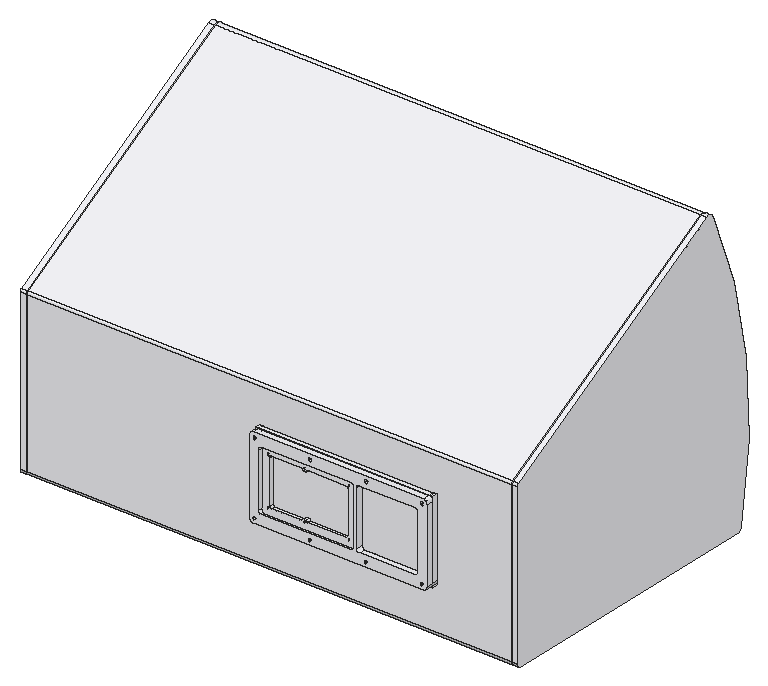
Revit family "EVU-1082", category Communication Devices, Revit 2017
Family settings
  Maintain Annotation Orientation = Yes
  Round Connector Dimension = Use Diameter
  Part Type = Normal
  OmniClass Number = 23.85.10.11.11.21
  OmniClass Title = Speakers
  Work Plane-Based = Yes
  Always vertical = Yes
  Cut with Voids When Loaded = No
  Shared = No
  Room Calculation Point = No
Parameters (values of type "EVU1082/95Wht_Single_8_Inch_Two_Way_White")
  Version = "1"
  Uniclass2015Code = "Pr_60_75_08_02"
  URL = ""
  ProductInformation = "https://www.electrovoice.com/binary/EVU-1082-95.pdf"
  PlanningTools = "http://www.electrovoice.com/product.php?id=1125"
  ModelNumber = "F.01U.216.254"
  Model = ""
  MaterialRALColour = "RAL9010"
  ManufacturerURL = "https://www.electrovoice.com"
  Manufacturer = "Electro Voice"
  LoudspeakerMaterial = 13-plyWeather-resistantBirchEVCoat -RAL9010
  Default Elevation = 0.00 mm
  CTN = "EVU1082/95WHT"
  BackHeight = 134.42 mm  # constant formula
  FrontHeight = 247.23 mm  # constant formula
  InstallationManual = "https://www.electrovoice.com/binary/EVU-1082-95.pdf"
  IfcExportType = "IfcBuildingElementProxyType"
  IfcExportAs = "IfcBuildingElementProxy"
  Length = 409.10 mm  # constant formula
  GrillMaterial = 16GA Powder-coatedGalvanneal - W
  Disclaimer = "http://resource.boschsecurity.com/information/BIM/Disclaimer_Electrovoice.pdf"
  Description = "1.3\" (33mm) diaphgram, 1.4\" (36mm) exit pure titanium compression driver. 8\" (203mm) LF transducer. Advanced third-order crossover network with HF protection. Coverage pattern: 90° x 50° Constant Directivity rotatable waveguide. 92 dB sensitivity, 120 dB maximum SPL. System raiting: 175 W continuous, 700 W peak. Universal U-bracket included."
  Depth = 237.21 mm  # constant formula
  ArchitectsAndEngineersSpecs = "https://www.electrovoice.com/binary/EVU-1082-95.pdf"
Reference planes
  plane 1 "Center (Front/Back)": y = 0
  plane 2: z = 0
  plane 3 "Center (Left/Right)": x = 0
Forms (mm)
  Extrusion 1, solid, material "13-plyWeather-resistantBirchEVCoat -RAL9010" <- "LoudspeakerMaterial"
    sketch origin (-199.55, 0, 1.386) x (0, 1, 0) y (0, 0, 1)
      loop
        line (223.44, -66.22) -> (6.35, -66.22) -> (6.35, 58.38) -> (195.221, 167.425) -> (199.95, 172.274)
        arc (199.95, 172.274) -> (197.41, 174.469) -> (194.075, 174.095) r 4.19
        line (194.075, 174.095) -> (1.27, 62.779)
        arc (1.27, 62.779) -> (0.34, 61.85) -> (0, 60.58) r 2.54
        line (0, 60.58) -> (0, -70.03)
        arc (0, -70.03) -> (0.744, -71.826) -> (2.54, -72.57) r 2.54
        line (2.54, -72.57) -> (225.203, -72.57)
        arc (225.203, -72.57) -> (227.849, -71.629) -> (229.306, -69.229) r 4.19
        line (229.306, -69.229) -> (223.44, -66.22)
    from 0 to 399.1
  Extrusion 2, solid, material "16GA Powder-coatedGalvanneal - W" <- "GrillMaterial"
    sketch origin (-199.55, 0, 1.386) x (0, 1, 0) y (0, 0, 1)
      loop
        line (197.717, 169.984) -> (196.591, 168.858)
        arc (196.591, 168.858) -> (229.978, 53.193) -> (225.15, -67.097) r 376.5
        line (225.15, -67.097) -> (226.536, -67.808)
        arc (226.536, -67.808) -> (231.46, 53.431) -> (197.717, 169.984) r 378
    from 0 to 399.1
  Extrusion 3, solid, material "13-plyWeather-resistantBirchEVCoat -RAL9010" <- "LoudspeakerMaterial"
    sketch origin (199.55, 0, 1.386) x (0, 1, 0) y (0, 0, 1)
      loop
        line (0, 60.58) -> (0, -70.03)
        arc (0, -70.03) -> (0.744, -71.826) -> (2.54, -72.57) r 2.54
        line (2.54, -72.57) -> (225.203, -72.57)
        arc (225.203, -72.57) -> (227.849, -71.629) -> (229.306, -69.229) r 4.19
        arc (229.306, -69.229) -> (234.422, 53.929) -> (199.95, 172.274) r 381
        arc (199.95, 172.274) -> (197.41, 174.469) -> (194.075, 174.095) r 4.19
        line (194.075, 174.095) -> (1.27, 62.779)
        arc (1.27, 62.779) -> (0.34, 61.85) -> (0, 60.58) r 2.54
    from 0 to 5
  Extrusion 4, solid, material "13-plyWeather-resistantBirchEVCoat -RAL9010" <- "LoudspeakerMaterial"
    sketch origin (-199.55, 0, 1.386) x (0, 1, 0) y (0, 0, -1)
      loop
        arc (0, -60.58) -> (0.34, -61.85) -> (1.27, -62.779) r 2.54
        line (1.27, -62.779) -> (194.075, -174.095)
        arc (194.075, -174.095) -> (197.41, -174.469) -> (199.95, -172.274) r 4.19
        arc (199.95, -172.274) -> (234.422, -53.929) -> (229.306, 69.229) r 381
        arc (229.306, 69.229) -> (227.849, 71.629) -> (225.203, 72.57) r 4.19
        line (225.203, 72.57) -> (2.54, 72.57)
        arc (2.54, 72.57) -> (0.744, 71.826) -> (0, 70.03) r 2.54
        line (0, 70.03) -> (0, -60.58)
    from 0 to 5
Lines and regions (mm)
  model lines, not visible
    curve 1: circle (185.72, 35.169, -45.832) r 3 normal (1, 0, 0)
    curve 2: circle (185.72, 35.169, -45.832) r 2.25 normal (1, 0, 0)
    curve 3: line (185.72, 34.284, -43.764) -> (185.72, 34.284, -47.901)
    curve 4: line (185.72, 36.054, -43.764) -> (185.72, 36.054, -47.901)
    curve 5: circle (185.72, 35.169, 10.418) r 3 normal (1, 0, 0)
    curve 6: circle (185.72, 35.169, 10.418) r 2.25 normal (1, 0, 0)
    curve 7: line (185.72, 34.284, 12.486) -> (185.72, 34.284, 8.349)
    curve 8: line (185.72, 36.054, 12.486) -> (185.72, 36.054, 8.349)
    curve 9: circle (185.72, 35.169, 60.418) r 3 normal (1, 0, 0)
    curve 10: circle (185.72, 35.169, 60.418) r 2.25 normal (1, 0, 0)
    curve 11: line (185.72, 34.284, 62.486) -> (185.72, 34.284, 58.349)
    curve 12: line (185.72, 36.054, 62.486) -> (185.72, 36.054, 58.349)
    curve 13: circle (185.72, 169.403, 137.918) r 3 normal (1, 0, 0)
    curve 14: circle (185.72, 169.403, 137.918) r 2.25 normal (1, 0, 0)
    curve 15: line (185.72, 168.518, 139.986) -> (185.72, 168.518, 135.849)
    curve 16: line (185.72, 170.288, 139.986) -> (185.72, 170.288, 135.849)
    curve 17: circle (185.72, 174.403, -47.082) r 3 normal (1, 0, 0)
    curve 18: circle (185.72, 174.403, -47.082) r 2.25 normal (1, 0, 0)
    curve 19: line (185.72, 173.518, -45.014) -> (185.72, 173.518, -49.151)
    curve 20: line (185.72, 175.288, -45.014) -> (185.72, 175.288, -49.151)
    curve 21: circle (185.72, 181.903, 45.418) r 3 normal (1, 0, 0)
    curve 22: circle (185.72, 181.903, 45.418) r 2.25 normal (1, 0, 0)
    curve 23: line (185.72, 181.018, 47.486) -> (185.72, 181.018, 43.349)
    curve 24: line (185.72, 182.788, 47.486) -> (185.72, 182.788, 43.349)
  model lines
    curve 25: circle (204.55, 35.169, -44.446) r 3 normal (1, 0, 0)
    curve 26: circle (204.55, 35.169, -44.446) r 2.25 normal (1, 0, 0)
    curve 27: line (204.55, 34.284, -42.378) -> (204.55, 34.284, -46.515)
    curve 28: line (204.55, 36.054, -42.378) -> (204.55, 36.054, -46.515)
    curve 29: circle (204.55, 35.169, 11.804) r 3 normal (1, 0, 0)
    curve 30: circle (204.55, 35.169, 11.804) r 2.25 normal (1, 0, 0)
    curve 31: line (204.55, 34.284, 13.872) -> (204.55, 34.284, 9.735)
    curve 32: line (204.55, 36.054, 13.872) -> (204.55, 36.054, 9.735)
    curve 33: circle (204.55, 35.169, 61.804) r 3 normal (1, 0, 0)
    curve 34: circle (204.55, 35.169, 61.804) r 2.25 normal (1, 0, 0)
    curve 35: line (204.55, 34.284, 63.872) -> (204.55, 34.284, 59.735)
    curve 36: line (204.55, 36.054, 63.872) -> (204.55, 36.054, 59.735)
    curve 37: circle (204.55, 169.403, 139.304) r 3 normal (1, 0, 0)
    curve 38: circle (204.55, 169.403, 139.304) r 2.25 normal (1, 0, 0)
    curve 39: line (204.55, 168.518, 141.372) -> (204.55, 168.518, 137.235)
    curve 40: line (204.55, 170.288, 141.372) -> (204.55, 170.288, 137.235)
    curve 41: circle (204.55, 174.403, -45.696) r 3 normal (1, 0, 0)
    curve 42: circle (204.55, 174.403, -45.696) r 2.25 normal (1, 0, 0)
    curve 43: line (204.55, 173.518, -43.628) -> (204.55, 173.518, -47.765)
    curve 44: line (204.55, 175.288, -43.628) -> (204.55, 175.288, -47.765)
    curve 45: circle (204.55, 181.903, 46.804) r 3 normal (1, 0, 0)
    curve 46: circle (204.55, 181.903, 46.804) r 2.25 normal (1, 0, 0)
    curve 47: line (204.55, 181.018, 48.872) -> (204.55, 181.018, 44.735)
    curve 48: line (204.55, 182.788, 48.872) -> (204.55, 182.788, 44.735)
    curve 49: circle (-204.55, 35.169, -44.446) r 3 normal (1, 0, 0)
    curve 50: circle (-204.55, 35.169, -44.446) r 2.25 normal (1, 0, 0)
    curve 51: line (-204.55, 34.284, -42.378) -> (-204.55, 34.284, -46.515)
    curve 52: line (-204.55, 36.054, -42.378) -> (-204.55, 36.054, -46.515)
    curve 53: circle (-204.55, 35.169, 11.804) r 3 normal (1, 0, 0)
    curve 54: circle (-204.55, 35.169, 11.804) r 2.25 normal (1, 0, 0)
    curve 55: line (-204.55, 34.284, 13.872) -> (-204.55, 34.284, 9.735)
    curve 56: line (-204.55, 36.054, 13.872) -> (-204.55, 36.054, 9.735)
    curve 57: circle (-204.55, 35.169, 61.804) r 3 normal (1, 0, 0)
    curve 58: circle (-204.55, 35.169, 61.804) r 2.25 normal (1, 0, 0)
    curve 59: line (-204.55, 34.284, 63.872) -> (-204.55, 34.284, 59.735)
    curve 60: line (-204.55, 36.054, 63.872) -> (-204.55, 36.054, 59.735)
    curve 61: circle (-204.55, 169.403, 139.304) r 3 normal (1, 0, 0)
    curve 62: circle (-204.55, 169.403, 139.304) r 2.25 normal (1, 0, 0)
    curve 63: line (-204.55, 168.518, 141.372) -> (-204.55, 168.518, 137.235)
    curve 64: line (-204.55, 170.288, 141.372) -> (-204.55, 170.288, 137.235)
    curve 65: circle (-204.55, 174.403, -45.696) r 3 normal (1, 0, 0)
    curve 66: circle (-204.55, 174.403, -45.696) r 2.25 normal (1, 0, 0)
    curve 67: line (-204.55, 173.518, -43.628) -> (-204.55, 173.518, -47.765)
    curve 68: line (-204.55, 175.288, -43.628) -> (-204.55, 175.288, -47.765)
    curve 69: circle (-204.55, 181.903, 46.804) r 3 normal (1, 0, 0)
    curve 70: circle (-204.55, 181.903, 46.804) r 2.25 normal (1, 0, 0)
    curve 71: line (-204.55, 181.018, 48.872) -> (-204.55, 181.018, 44.735)
    curve 72: line (-204.55, 182.788, 48.872) -> (-204.55, 182.788, 44.735)
  reference lines
    curve 73: line (0, 196.188, 176.046) -> (0, 195.938, 176.046)
    curve 74: line (0, 0.501, 63.236) -> (0, 0.251, 63.236)
    curve 75: line (205.917, 237.21, 0) -> (206.167, 237.21, 0)
Dimensions and locks
  "BackHeight": Extrusion 1 to curve 74
  "FrontHeight": Extrusion 1 to curve 73
  "Length": Extrusion 4 to Extrusion 3
  Extrusion 4 to plane 3 "Center (Left/Right)" to Extrusion 3 = 204.55 mm locked, 204.55 mm
  "Depth": plane 1 "Center (Front/Back)" to curve 75
  aligned and locked: plane 2 to level
Automatic sketch dimensions
  Extrusion 1 sketch curve to plane 1 "Center (Front/Back)" = 0.00 mm
  Extrusion 1 sketch curve to plane 1 "Center (Front/Back)" = 1.27 mm
  Extrusion 1 sketch curve to plane 1 "Center (Front/Back)" = 2.54 mm  (x2)
  Extrusion 1 sketch curve to Extrusion 1 sketch curve = 3.81 mm  (x2)
  Extrusion 1 sketch curve to plane 1 "Center (Front/Back)" = 194.075 mm
  Extrusion 1 sketch curve to Extrusion 1 sketch curve = 1.147 mm
  Extrusion 1 sketch curve to Extrusion 1 sketch curve = 0.948 mm
  Extrusion 1 sketch curve to Extrusion 1 sketch curve = 3.78 mm
  Extrusion 1 sketch curve to level = 64.834 mm
  Extrusion 1 sketch curve to Extrusion 1 sketch curve = 217.09 mm
  Extrusion 1 sketch curve to Extrusion 1 sketch curve = 1.763 mm
  Extrusion 1 sketch curve to level = 67.843 mm
  Extrusion 1 sketch curve to Extrusion 1 sketch curve = 4.103 mm
  level to Extrusion 1 sketch curve = 59.766 mm
  Extrusion 1 sketch curve to Extrusion 1 sketch curve = 2.20 mm
  level to Extrusion 1 sketch curve = 168.811 mm
  Extrusion 1 sketch curve to Extrusion 1 sketch curve = 3.042 mm
  Extrusion 1 sketch curve to Extrusion 1 sketch curve = 1.807 mm
  Extrusion 2 sketch curve to Extrusion 2 sketch curve = 0.00 mm  (x2)
  level to Extrusion 2 sketch curve = 9.34 mm
  plane 1 "Center (Front/Back)" to Extrusion 2 sketch curve = 143.794 mm
  Extrusion 2 sketch curve to plane 1 "Center (Front/Back)" = 196.591 mm
  Extrusion 2 sketch curve to Extrusion 2 sketch curve = 1.126 mm
  Extrusion 2 sketch curve to level = 65.711 mm
  Extrusion 2 sketch curve to plane 1 "Center (Front/Back)" = 225.15 mm
  Extrusion 2 sketch curve to level = 66.422 mm
  Extrusion 2 sketch curve to Extrusion 2 sketch curve = 1.386 mm
  Extrusion 3 sketch curve to plane 1 "Center (Front/Back)" = 0.00 mm
  level to Extrusion 3 sketch curve = 9.34 mm
  plane 1 "Center (Front/Back)" to Extrusion 3 sketch curve = 143.794 mm
  Extrusion 3 sketch curve to plane 1 "Center (Front/Back)" = 1.27 mm
  Extrusion 3 sketch curve to Extrusion 3 sketch curve = 2.54 mm  (x2)
  Extrusion 3 sketch curve to plane 1 "Center (Front/Back)" = 194.075 mm
  Extrusion 3 sketch curve to Extrusion 3 sketch curve = 2.095 mm
  Extrusion 3 sketch curve to level = 71.184 mm
  Extrusion 3 sketch curve to Extrusion 3 sketch curve = 222.663 mm
  Extrusion 3 sketch curve to Extrusion 3 sketch curve = 4.19 mm
  level to Extrusion 3 sketch curve = 61.966 mm
  level to Extrusion 3 sketch curve = 171.853 mm
  Extrusion 3 sketch curve to Extrusion 3 sketch curve = 3.629 mm
  Extrusion 3 sketch curve to Extrusion 3 sketch curve = 0.00 mm
  curve 74 to plane 1 "Center (Front/Back)" = 0.251 mm
  curve 74 to plane 1 "Center (Front/Back)" = 0.501 mm
  level to curve 74 = 63.236 mm
  curve 73 to plane 1 "Center (Front/Back)" = 195.938 mm
  curve 73 to curve 73 = 0.25 mm
  level to curve 73 = 176.046 mm
  Extrusion 4 sketch curve to plane 1 "Center (Front/Back)" = 0.00 mm
  level to Extrusion 4 sketch curve = 9.34 mm
  plane 1 "Center (Front/Back)" to Extrusion 4 sketch curve = 143.794 mm
  Extrusion 4 sketch curve to plane 1 "Center (Front/Back)" = 1.27 mm
  Extrusion 4 sketch curve to Extrusion 4 sketch curve = 2.54 mm  (x2)
  Extrusion 4 sketch curve to plane 1 "Center (Front/Back)" = 194.075 mm
  Extrusion 4 sketch curve to Extrusion 4 sketch curve = 2.095 mm
  Extrusion 4 sketch curve to level = 71.184 mm
  Extrusion 4 sketch curve to Extrusion 4 sketch curve = 222.663 mm
  level to Extrusion 4 sketch curve = 61.966 mm
  level to Extrusion 4 sketch curve = 171.853 mm
  Extrusion 4 sketch curve to Extrusion 4 sketch curve = 3.629 mm
  Extrusion 4 sketch curve to Extrusion 4 sketch curve = 4.19 mm
  Extrusion 4 sketch curve to Extrusion 4 sketch curve = 0.00 mm
  plane 3 "Center (Left/Right)" to curve 75 = 205.917 mm
  curve 75 to curve 75 = 0.25 mm
Nested families
  nested 1: "InputPanel_small" at (65.17, 0, -33.614), LoudspeakerMaterial <- "LoudspeakerMaterial", type "InputPanel_small"
    with LoudspeakerMaterial 13-plyWeather-resistantBirchEVCoat -RAL9010
  nested 2: "EV-L.dwg" at (159.05, 234.227, 28.324), type "EV-L.dwg"
Connectors
  electrical at (37.954, -5, -0.023)
    settings: on nested 1, index 1, voltage 0 V, apparent load 0 VA, apparent load phase1 0 VA, apparent load phase2 0 VA, apparent load phase3 0 VA, power factor 1, load classification "Other", number of poles 1, system type 31, power factor state 1, is connector primary yes, connector utility no, sub classification motor no, connector description ""
Definition of nested family "InputPanel_small"
  Parameters (values of type "InputPanel_small")
    Material = ""
    LoudspeakerMaterial [instance] = none
    Default Elevation = 1219.20 mm
  Reference planes
    plane 1 "Center (Front/Back)": y = 0
    plane 2: z = 0
    plane 3 "Center (Left/Right)": x = 0
  Forms (mm)
    Extrusion 1, solid, material <- "LoudspeakerMaterial", not visible
      sketch origin (-97.521, -0.5, 198.121) x (-1, 0, 0) y (0, 0, -1)
        loop
          arc (-169.642, 198.043) -> (-170.257, 197.789) -> (-170.511, 197.174) r 0.869
          line (-170.511, 197.174) -> (-170.511, 131.84)
          arc (-170.511, 131.84) -> (-170.257, 131.226) -> (-169.642, 130.971) r 0.869
          line (-169.642, 130.971) -> (-25.396, 130.971)
          arc (-25.396, 130.971) -> (-24.782, 131.226) -> (-24.527, 131.84) r 0.869
          line (-24.527, 131.84) -> (-24.527, 197.174)
          arc (-24.527, 197.174) -> (-24.782, 197.789) -> (-25.396, 198.043) r 0.869
          line (-25.396, 198.043) -> (-169.642, 198.043)
      from 0 to -0.5
    Extrusion 2, solid, material <- "LoudspeakerMaterial", detail levels medium+fine
      sketch origin (1.214, 0, 125.108) x (-1, 0, 0) y (0, 0, -1)
        loop
          line (70.917, 125.031) -> (-68.488, 125.031)
          arc (-68.488, 125.031) -> (-70.813, 124.068) -> (-71.776, 121.743) r 3.288
          line (-71.776, 121.743) -> (-71.776, 61.229)
          arc (-71.776, 61.229) -> (-70.921, 59.026) -> (-68.815, 57.959) r 3.288
          line (-68.815, 57.959) -> (70.925, 57.959)
          arc (70.925, 57.959) -> (73.25, 58.922) -> (74.212, 61.247) r 3.288
          line (74.212, 61.247) -> (74.205, 121.743)
          arc (74.205, 121.743) -> (73.242, 124.068) -> (70.917, 125.031) r 3.288
        loop
          line (-16.102, 116.673) -> (-61.46, 116.673)
          arc (-61.46, 116.673) -> (-63.304, 115.909) -> (-64.067, 114.066) r 2.607
          line (-64.067, 114.066) -> (-64.067, 69.267)
          arc (-64.067, 69.267) -> (-63.304, 67.424) -> (-61.46, 66.66) r 2.607
          line (-61.46, 66.66) -> (-16.102, 66.658)
          arc (-16.102, 66.658) -> (-14.259, 67.424) -> (-13.495, 69.267) r 2.607
          line (-13.495, 69.267) -> (-13.495, 114.066)
          arc (-13.495, 114.066) -> (-14.259, 115.909) -> (-16.102, 116.673) r 2.607
        loop
          line (64.151, 116.673) -> (-8.801, 116.673)
          arc (-8.801, 116.673) -> (-10.645, 115.909) -> (-11.408, 114.066) r 2.607
          line (-11.408, 114.066) -> (-11.408, 69.267)
          arc (-11.408, 69.267) -> (-10.645, 67.424) -> (-8.801, 66.66) r 2.607
          line (-8.801, 66.66) -> (64.151, 66.658)
          arc (64.151, 66.658) -> (65.994, 67.424) -> (66.758, 69.267) r 2.607
          line (66.758, 69.267) -> (66.758, 114.066)
          arc (66.758, 114.066) -> (65.994, 115.909) -> (64.151, 116.673) r 2.607
        loop
          circle (-67.83, 121.068) r 1.368
        loop
          circle (-21.853, 121.068) r 1.368
        loop
          circle (24.255, 121.068) r 1.368
        loop
          circle (69.993, 121.068) r 1.368
        loop
          circle (-67.961, 61.771) r 1.368
        loop
          circle (-21.984, 61.771) r 1.368
        loop
          circle (24.124, 61.771) r 1.368
        loop
          circle (69.862, 61.771) r 1.368
      from 0 to 10
    Extrusion 3, solid, material <- "LoudspeakerMaterial", detail levels fine
      sketch origin (25.655, 0, 118.331) x (-1, 0, 0) y (0, 0, -1)
        loop
          arc (15.45, 109.952) -> (13.605, 109.187) -> (12.84, 107.342) r 2.61
          line (12.84, 107.342) -> (12.84, 62.493)
          arc (12.84, 62.493) -> (13.606, 60.646) -> (15.45, 59.881) r 2.61
          line (15.45, 59.881) -> (88.485, 59.883)
          arc (88.485, 59.883) -> (90.33, 60.647) -> (91.094, 62.493) r 2.61
          line (91.094, 62.493) -> (91.094, 107.342)
          arc (91.094, 107.342) -> (90.33, 109.187) -> (88.485, 109.952) r 2.61
          line (88.485, 109.952) -> (15.45, 109.952)
        loop
          line (53.049, 104.094) -> (20.673, 104.09)
          arc (20.673, 104.09) -> (20.25, 103.216) -> (19.475, 102.633) r 2.061
          line (19.475, 102.633) -> (19.479, 66.839)
          arc (19.479, 66.839) -> (20.255, 66.255) -> (20.677, 65.382) r 2.061
          line (20.677, 65.382) -> (53.053, 65.386)
          arc (53.053, 65.386) -> (55.067, 67.012) -> (57.082, 65.386) r 2.061
          line (57.082, 65.386) -> (82.875, 65.389)
          arc (82.875, 65.389) -> (83.297, 66.263) -> (84.073, 66.847) r 2.061
          line (84.073, 66.847) -> (84.068, 102.641)
          arc (84.068, 102.641) -> (83.293, 103.224) -> (82.87, 104.098) r 2.061
          line (82.87, 104.098) -> (57.077, 104.095)
          arc (57.077, 104.095) -> (55.063, 102.469) -> (53.049, 104.094) r 2.061
        loop
          circle (55.063, 104.529) r 0.832
        loop
          circle (55.063, 64.893) r 0.832
        loop
          circle (84.767, 104.529) r 0.832
        loop
          circle (84.767, 64.893) r 0.832
        loop
          circle (18.835, 104.529) r 0.832
        loop
          circle (18.835, 64.893) r 0.832
      from 7.5 to 5
    Extrusion 4, solid, material <- "LoudspeakerMaterial"
      sketch origin (1.214, 0, 125.108) x (-1, 0, 0) y (0, 0, -1)
        loop
          line (-71.776, 125.031) -> (-71.776, 57.959) -> (74.213, 57.959) -> (74.205, 125.031) -> (-71.776, 125.031)
      from 0 to 4.337
  Lines and regions (mm)
    model lines, not visible
      curve 1: arc (59.415, -9.5, 70.232) -> (59.756, -9.5, 68.636) -> (60.858, -9.5, 67.432) r 3.109
      curve 2: arc (59.414, -9.5, 82.845) -> (59.754, -9.5, 81.249) -> (60.857, -9.5, 80.045) r 3.109
      curve 3: arc (59.417, -9.5, 63.926) -> (59.752, -9.5, 62.34) -> (60.84, -9.5, 61.139) r 3.108
      curve 4: arc (59.415, -9.5, 76.539) -> (59.75, -9.5, 74.953) -> (60.838, -9.5, 73.752) r 3.108
      curve 5: arc (60.711, -9.5, 72.945) -> (59.72, -9.5, 71.753) -> (59.414, -9.5, 70.232) r 3.166
      curve 6: arc (60.71, -9.5, 85.557) -> (59.718, -9.5, 84.365) -> (59.412, -9.5, 82.845) r 3.166
      curve 7: arc (60.712, -9.5, 66.637) -> (59.721, -9.5, 65.445) -> (59.415, -9.5, 63.926) r 3.165
      curve 8: arc (60.71, -9.5, 79.25) -> (59.72, -9.5, 78.058) -> (59.414, -9.5, 76.539) r 3.165
      curve 9: arc (59.062, -9.5, 76.539) -> (58.721, -9.5, 78.135) -> (57.618, -9.5, 79.339) r 3.109
      curve 10: arc (59.063, -9.5, 63.926) -> (58.723, -9.5, 65.522) -> (57.62, -9.5, 66.726) r 3.109
      curve 11: arc (59.06, -9.5, 82.845) -> (58.725, -9.5, 84.431) -> (57.637, -9.5, 85.632) r 3.108
      curve 12: arc (59.062, -9.5, 70.232) -> (58.726, -9.5, 71.818) -> (57.638, -9.5, 73.019) r 3.108
      curve 13: arc (57.765, -9.5, 73.826) -> (58.757, -9.5, 75.018) -> (59.063, -9.5, 76.539) r 3.166
      curve 14: arc (57.767, -9.5, 61.214) -> (58.758, -9.5, 62.406) -> (59.065, -9.5, 63.926) r 3.166
      curve 15: arc (57.765, -9.5, 80.134) -> (58.756, -9.5, 81.326) -> (59.062, -9.5, 82.845) r 3.165
      curve 16: arc (57.767, -9.5, 67.521) -> (58.757, -9.5, 68.713) -> (59.063, -9.5, 70.232) r 3.165
      curve 17: arc (62.678, -9.5, 67.687) -> (63.752, -9.5, 68.757) -> (64.103, -9.5, 70.233) r 2.775
      curve 18: arc (63.369, -9.5, 67.367) -> (64.444, -9.5, 68.62) -> (64.794, -9.5, 70.233) r 3.371
      curve 19: arc (62.678, -9.5, 67.687) -> (62.999, -9.5, 67.474) -> (63.369, -9.5, 67.367) r 1.273
      curve 20: arc (62.676, -9.5, 80.299) -> (63.75, -9.5, 81.37) -> (64.101, -9.5, 82.846) r 2.775
      curve 21: arc (63.368, -9.5, 79.98) -> (64.442, -9.5, 81.233) -> (64.793, -9.5, 82.846) r 3.371
      curve 22: arc (62.676, -9.5, 80.299) -> (62.998, -9.5, 80.087) -> (63.368, -9.5, 79.98) r 1.273
      curve 23: arc (62.679, -9.5, 61.381) -> (63.752, -9.5, 62.452) -> (64.103, -9.5, 63.927) r 2.774
      curve 24: arc (63.37, -9.5, 61.062) -> (64.444, -9.5, 62.315) -> (64.794, -9.5, 63.927) r 3.37
      curve 25: arc (62.679, -9.5, 61.381) -> (63, -9.5, 61.169) -> (63.37, -9.5, 61.062) r 1.273
      curve 26: arc (62.677, -9.5, 73.994) -> (63.751, -9.5, 75.064) -> (64.101, -9.5, 76.539) r 2.774
      curve 27: arc (63.369, -9.5, 73.675) -> (64.442, -9.5, 74.927) -> (64.793, -9.5, 76.539) r 3.37
      curve 28: arc (62.677, -9.5, 73.994) -> (62.998, -9.5, 73.781) -> (63.369, -9.5, 73.675) r 1.273
      curve 29: arc (64.103, -9.5, 70.233) -> (63.752, -9.5, 71.708) -> (62.677, -9.5, 72.779) r 2.775
      curve 30: arc (63.369, -9.5, 73.098) -> (62.999, -9.5, 72.992) -> (62.677, -9.5, 72.779) r 1.273
      curve 31: arc (64.794, -9.5, 70.233) -> (64.443, -9.5, 71.846) -> (63.369, -9.5, 73.098) r 3.371
      curve 32: arc (64.101, -9.5, 82.846) -> (63.75, -9.5, 84.321) -> (62.676, -9.5, 85.392) r 2.775
      curve 33: arc (63.367, -9.5, 85.711) -> (62.997, -9.5, 85.604) -> (62.676, -9.5, 85.392) r 1.273
      curve 34: arc (64.793, -9.5, 82.846) -> (64.442, -9.5, 84.458) -> (63.367, -9.5, 85.711) r 3.371
      curve 35: arc (64.103, -9.5, 63.927) -> (63.752, -9.5, 65.401) -> (62.678, -9.5, 66.472) r 2.774
      curve 36: arc (63.37, -9.5, 66.791) -> (62.999, -9.5, 66.684) -> (62.678, -9.5, 66.472) r 1.273
      curve 37: arc (64.794, -9.5, 63.927) -> (64.444, -9.5, 65.539) -> (63.37, -9.5, 66.791) r 3.37
      curve 38: arc (64.101, -9.5, 76.539) -> (63.75, -9.5, 78.014) -> (62.676, -9.5, 79.084) r 2.774
      curve 39: arc (63.368, -9.5, 79.404) -> (62.998, -9.5, 79.297) -> (62.676, -9.5, 79.084) r 1.273
      curve 40: arc (64.793, -9.5, 76.539) -> (64.442, -9.5, 78.151) -> (63.368, -9.5, 79.404) r 3.37
      curve 41: arc (59.627, -9.5, 63.926) -> (59.978, -9.5, 62.451) -> (61.052, -9.5, 61.381) r 2.774
      curve 42: arc (61.051, -9.5, 66.471) -> (59.977, -9.5, 65.401) -> (59.627, -9.5, 63.926) r 2.774
      curve 43: arc (59.625, -9.5, 70.232) -> (59.976, -9.5, 68.757) -> (61.051, -9.5, 67.686) r 2.775
      curve 44: arc (61.05, -9.5, 72.779) -> (59.976, -9.5, 71.708) -> (59.625, -9.5, 70.232) r 2.775
      curve 45: arc (59.625, -9.5, 76.539) -> (59.976, -9.5, 75.064) -> (61.05, -9.5, 73.994) r 2.774
      curve 46: arc (61.049, -9.5, 79.084) -> (59.976, -9.5, 78.014) -> (59.625, -9.5, 76.539) r 2.774
      curve 47: arc (59.624, -9.5, 82.845) -> (59.975, -9.5, 81.37) -> (61.049, -9.5, 80.299) r 2.775
      curve 48: arc (61.049, -9.5, 85.391) -> (59.975, -9.5, 84.321) -> (59.624, -9.5, 82.845) r 2.775
      curve 49: arc (65.487, -9.5, 67.368) -> (66.537, -9.5, 68.57) -> (66.91, -9.5, 70.123) r 3.348
      curve 50: arc (65.485, -9.5, 79.98) -> (66.535, -9.5, 81.183) -> (66.909, -9.5, 82.735) r 3.348
      curve 51: arc (66.91, -9.5, 70.344) -> (66.536, -9.5, 71.896) -> (65.486, -9.5, 73.099) r 3.348
      curve 52: arc (66.909, -9.5, 82.956) -> (66.535, -9.5, 84.509) -> (65.485, -9.5, 85.711) r 3.348
      curve 53: arc (65.488, -9.5, 61.062) -> (66.543, -9.5, 62.278) -> (66.911, -9.5, 63.846) r 3.353
      curve 54: arc (65.486, -9.5, 73.675) -> (66.542, -9.5, 74.891) -> (66.909, -9.5, 76.458) r 3.353
      curve 55: arc (66.911, -9.5, 64.008) -> (66.543, -9.5, 65.576) -> (65.487, -9.5, 66.791) r 3.353
      curve 56: arc (66.909, -9.5, 76.621) -> (66.542, -9.5, 78.189) -> (65.485, -9.5, 79.404) r 3.353
      curve 57: arc (61.368, -9.5, 70.233) -> (61.701, -9.5, 68.86) -> (62.728, -9.5, 67.892) r 2.482
      curve 58: arc (61.369, -9.5, 63.926) -> (61.702, -9.5, 62.554) -> (62.729, -9.5, 61.585) r 2.482
      curve 59: arc (61.777, -9.5, 65.419) -> (61.47, -9.5, 64.701) -> (61.369, -9.5, 63.926) r 2.857
      curve 60: arc (62.453, -9.5, 65.577) -> (62.398, -9.5, 65.499) -> (62.347, -9.5, 65.419) r 2.446
      curve 61: arc (61.777, -9.5, 71.725) -> (61.469, -9.5, 71.007) -> (61.368, -9.5, 70.233) r 2.857
      curve 62: arc (62.452, -9.5, 71.883) -> (62.398, -9.5, 71.805) -> (62.346, -9.5, 71.725) r 2.446
      curve 63: arc (61.367, -9.5, 76.539) -> (61.7, -9.5, 75.167) -> (62.727, -9.5, 74.198) r 2.482
      curve 64: arc (61.367, -9.5, 82.845) -> (61.699, -9.5, 81.473) -> (62.727, -9.5, 80.504) r 2.482
      curve 65: arc (61.776, -9.5, 78.031) -> (61.469, -9.5, 77.313) -> (61.367, -9.5, 76.539) r 2.857
      curve 66: arc (62.452, -9.5, 78.19) -> (62.397, -9.5, 78.112) -> (62.345, -9.5, 78.032) r 2.446
      curve 67: arc (61.775, -9.5, 84.338) -> (61.468, -9.5, 83.62) -> (61.367, -9.5, 82.845) r 2.857
      curve 68: arc (62.451, -9.5, 84.496) -> (62.396, -9.5, 84.418) -> (62.345, -9.5, 84.338) r 2.446
      curve 69: arc (55.799, -9.5, 79.084) -> (54.725, -9.5, 78.014) -> (54.374, -9.5, 76.538) r 2.775
      curve 70: arc (55.107, -9.5, 79.404) -> (54.033, -9.5, 78.151) -> (53.682, -9.5, 76.538) r 3.371
      curve 71: arc (55.799, -9.5, 79.084) -> (55.478, -9.5, 79.297) -> (55.107, -9.5, 79.404) r 1.273
      curve 72: arc (55.8, -9.5, 66.472) -> (54.726, -9.5, 65.401) -> (54.376, -9.5, 63.925) r 2.775
      curve 73: arc (55.109, -9.5, 66.791) -> (54.035, -9.5, 65.538) -> (53.684, -9.5, 63.925) r 3.371
      curve 74: arc (55.8, -9.5, 66.472) -> (55.479, -9.5, 66.684) -> (55.109, -9.5, 66.791) r 1.273
      curve 75: arc (55.798, -9.5, 85.39) -> (54.725, -9.5, 84.319) -> (54.374, -9.5, 82.844) r 2.774
      curve 76: arc (55.107, -9.5, 85.709) -> (54.033, -9.5, 84.456) -> (53.682, -9.5, 82.844) r 3.37
      curve 77: arc (55.798, -9.5, 85.39) -> (55.477, -9.5, 85.602) -> (55.107, -9.5, 85.709) r 1.273
      curve 78: arc (55.8, -9.5, 72.777) -> (54.726, -9.5, 71.707) -> (54.376, -9.5, 70.232) r 2.774
      curve 79: arc (55.108, -9.5, 73.096) -> (54.034, -9.5, 71.844) -> (53.684, -9.5, 70.232) r 3.37
      curve 80: arc (55.8, -9.5, 72.777) -> (55.478, -9.5, 72.99) -> (55.108, -9.5, 73.096) r 1.273
      curve 81: arc (54.374, -9.5, 76.538) -> (54.725, -9.5, 75.063) -> (55.8, -9.5, 73.992) r 2.775
      curve 82: arc (55.108, -9.5, 73.673) -> (55.478, -9.5, 73.779) -> (55.8, -9.5, 73.992) r 1.273
      curve 83: arc (53.682, -9.5, 76.538) -> (54.033, -9.5, 74.925) -> (55.108, -9.5, 73.673) r 3.371
      curve 84: arc (54.376, -9.5, 63.925) -> (54.727, -9.5, 62.45) -> (55.801, -9.5, 61.379) r 2.775
      curve 85: arc (55.11, -9.5, 61.06) -> (55.48, -9.5, 61.167) -> (55.801, -9.5, 61.379) r 1.273
      curve 86: arc (53.684, -9.5, 63.925) -> (54.035, -9.5, 62.313) -> (55.11, -9.5, 61.06) r 3.371
      curve 87: arc (54.374, -9.5, 82.844) -> (54.725, -9.5, 81.369) -> (55.799, -9.5, 80.299) r 2.774
      curve 88: arc (55.107, -9.5, 79.98) -> (55.477, -9.5, 80.087) -> (55.799, -9.5, 80.299) r 1.273
      curve 89: arc (53.682, -9.5, 82.844) -> (54.033, -9.5, 81.232) -> (55.107, -9.5, 79.98) r 3.37
      curve 90: arc (54.376, -9.5, 70.232) -> (54.726, -9.5, 68.757) -> (55.8, -9.5, 67.687) r 2.774
      curve 91: arc (55.109, -9.5, 67.367) -> (55.479, -9.5, 67.474) -> (55.8, -9.5, 67.687) r 1.273
      curve 92: arc (53.684, -9.5, 70.232) -> (54.035, -9.5, 68.62) -> (55.109, -9.5, 67.367) r 3.37
      curve 93: arc (58.85, -9.5, 82.845) -> (58.499, -9.5, 84.32) -> (57.425, -9.5, 85.39) r 2.774
      curve 94: arc (57.426, -9.5, 80.3) -> (58.499, -9.5, 81.37) -> (58.85, -9.5, 82.845) r 2.774
      curve 95: arc (58.851, -9.5, 76.539) -> (58.5, -9.5, 78.014) -> (57.426, -9.5, 79.085) r 2.775
      curve 96: arc (57.427, -9.5, 73.992) -> (58.501, -9.5, 75.063) -> (58.851, -9.5, 76.539) r 2.775
      curve 97: arc (58.852, -9.5, 70.232) -> (58.501, -9.5, 71.707) -> (57.427, -9.5, 72.777) r 2.774
      curve 98: arc (57.427, -9.5, 67.687) -> (58.501, -9.5, 68.757) -> (58.852, -9.5, 70.232) r 2.774
      curve 99: arc (58.853, -9.5, 63.926) -> (58.502, -9.5, 65.401) -> (57.428, -9.5, 66.472) r 2.775
      curve 100: arc (57.428, -9.5, 61.38) -> (58.502, -9.5, 62.45) -> (58.853, -9.5, 63.926) r 2.775
      curve 101: arc (52.99, -9.5, 79.403) -> (51.94, -9.5, 78.2) -> (51.567, -9.5, 76.648) r 3.348
      curve 102: arc (52.991, -9.5, 66.791) -> (51.942, -9.5, 65.588) -> (51.568, -9.5, 64.036) r 3.348
      curve 103: arc (51.567, -9.5, 76.427) -> (51.94, -9.5, 74.875) -> (52.991, -9.5, 73.672) r 3.348
      curve 104: arc (51.568, -9.5, 63.815) -> (51.942, -9.5, 62.262) -> (52.992, -9.5, 61.06) r 3.348
      curve 105: arc (52.989, -9.5, 85.709) -> (51.933, -9.5, 84.493) -> (51.566, -9.5, 82.925) r 3.353
      curve 106: arc (52.991, -9.5, 73.096) -> (51.935, -9.5, 71.88) -> (51.567, -9.5, 70.313) r 3.353
      curve 107: arc (51.566, -9.5, 82.763) -> (51.934, -9.5, 81.195) -> (52.99, -9.5, 79.98) r 3.353
      curve 108: arc (51.567, -9.5, 70.15) -> (51.935, -9.5, 68.582) -> (52.991, -9.5, 67.367) r 3.353
      curve 109: arc (57.108, -9.5, 82.845) -> (56.775, -9.5, 84.217) -> (55.748, -9.5, 85.186) r 2.482
      curve 110: arc (57.109, -9.5, 76.538) -> (56.776, -9.5, 77.911) -> (55.749, -9.5, 78.879) r 2.482
      curve 111: arc (56.7, -9.5, 75.046) -> (57.007, -9.5, 75.764) -> (57.109, -9.5, 76.538) r 2.857
      curve 112: arc (56.024, -9.5, 74.888) -> (56.079, -9.5, 74.966) -> (56.131, -9.5, 75.046) r 2.446
      curve 113: arc (56.699, -9.5, 81.352) -> (57.007, -9.5, 82.07) -> (57.108, -9.5, 82.845) r 2.857
      curve 114: arc (56.024, -9.5, 81.194) -> (56.078, -9.5, 81.272) -> (56.13, -9.5, 81.352) r 2.446
      curve 115: arc (57.109, -9.5, 70.232) -> (56.777, -9.5, 71.604) -> (55.749, -9.5, 72.573) r 2.482
      curve 116: arc (57.11, -9.5, 63.926) -> (56.777, -9.5, 65.298) -> (55.75, -9.5, 66.267) r 2.482
      curve 117: arc (56.702, -9.5, 62.433) -> (57.009, -9.5, 63.151) -> (57.11, -9.5, 63.926) r 2.857
      curve 118: arc (56.026, -9.5, 62.275) -> (56.081, -9.5, 62.353) -> (56.132, -9.5, 62.433) r 2.446
      curve 119: arc (56.701, -9.5, 68.739) -> (57.008, -9.5, 69.458) -> (57.109, -9.5, 70.232) r 2.857
      curve 120: arc (56.025, -9.5, 68.581) -> (56.08, -9.5, 68.659) -> (56.131, -9.5, 68.739) r 2.446
      curve 121: spline (77.962, -9.5, 59.963) -> (78.093, -9.5, 59.972) -> (78.223, -9.5, 59.998) -> (78.348, -9.5, 60.04) -> (78.466, -9.5, 60.099) -> (78.576, -9.5, 60.172) -> (78.675, -9.5, 60.259) -> (78.762, -9.5, 60.358) -> (78.835, -9.5, 60.468) -> (78.894, -9.5, 60.586) -> (78.936, -9.5, 60.711) -> (78.962, -9.5, 60.841) -> (78.97, -9.5, 60.972)
      curve 122: spline (78.967, -9.5, 85.803) -> (78.959, -9.5, 85.935) -> (78.933, -9.5, 86.065) -> (78.891, -9.5, 86.19) -> (78.832, -9.5, 86.308) -> (78.759, -9.5, 86.418) -> (78.672, -9.5, 86.517) -> (78.573, -9.5, 86.604) -> (78.463, -9.5, 86.677) -> (78.344, -9.5, 86.735) -> (78.22, -9.5, 86.778) -> (78.09, -9.5, 86.804) -> (77.958, -9.5, 86.812)
      curve 123: spline (40.515, -9.5, 86.808) -> (40.383, -9.5, 86.799) -> (40.254, -9.5, 86.773) -> (40.129, -9.5, 86.731) -> (40.01, -9.5, 86.672) -> (39.901, -9.5, 86.599) -> (39.801, -9.5, 86.512) -> (39.714, -9.5, 86.413) -> (39.641, -9.5, 86.303) -> (39.583, -9.5, 86.185) -> (39.54, -9.5, 86.06) -> (39.515, -9.5, 85.93) -> (39.506, -9.5, 85.799)
      curve 124: spline (39.509, -9.5, 60.97) -> (39.517, -9.5, 60.838) -> (39.543, -9.5, 60.708) -> (39.585, -9.5, 60.583) -> (39.643, -9.5, 60.464) -> (39.717, -9.5, 60.354) -> (39.804, -9.5, 60.255) -> (39.903, -9.5, 60.168) -> (40.013, -9.5, 60.094) -> (40.131, -9.5, 60.036) -> (40.256, -9.5, 59.993) -> (40.386, -9.5, 59.967) -> (40.518, -9.5, 59.959)
      curve 125: spline (40.57, -9.5, 86.753) -> (40.438, -9.5, 86.744) -> (40.309, -9.5, 86.718) -> (40.184, -9.5, 86.676) -> (40.065, -9.5, 86.617) -> (39.956, -9.5, 86.544) -> (39.856, -9.5, 86.457) -> (39.769, -9.5, 86.358) -> (39.696, -9.5, 86.248) -> (39.638, -9.5, 86.13) -> (39.595, -9.5, 86.005) -> (39.57, -9.5, 85.875) -> (39.561, -9.5, 85.744)
      curve 126: spline (39.564, -9.5, 61.023) -> (39.573, -9.5, 60.891) -> (39.598, -9.5, 60.761) -> (39.641, -9.5, 60.636) -> (39.699, -9.5, 60.518) -> (39.773, -9.5, 60.408) -> (39.86, -9.5, 60.309) -> (39.959, -9.5, 60.222) -> (40.069, -9.5, 60.149) -> (40.187, -9.5, 60.091) -> (40.312, -9.5, 60.048) -> (40.441, -9.5, 60.022) -> (40.573, -9.5, 60.014)
      curve 127: spline (78.912, -9.5, 85.748) -> (78.904, -9.5, 85.88) -> (78.878, -9.5, 86.01) -> (78.835, -9.5, 86.134) -> (78.777, -9.5, 86.253) -> (78.704, -9.5, 86.363) -> (78.617, -9.5, 86.462) -> (78.518, -9.5, 86.549) -> (78.408, -9.5, 86.622) -> (78.289, -9.5, 86.68) -> (78.164, -9.5, 86.723) -> (78.035, -9.5, 86.749) -> (77.903, -9.5, 86.757)
      curve 128: spline (77.907, -9.5, 60.018) -> (78.038, -9.5, 60.027) -> (78.168, -9.5, 60.053) -> (78.293, -9.5, 60.095) -> (78.411, -9.5, 60.154) -> (78.521, -9.5, 60.227) -> (78.62, -9.5, 60.314) -> (78.707, -9.5, 60.413) -> (78.78, -9.5, 60.523) -> (78.839, -9.5, 60.641) -> (78.881, -9.5, 60.766) -> (78.907, -9.5, 60.896) -> (78.915, -9.5, 61.027)
      curve 129: line (63.979, -9.5, 70.233) -> (63.818, -9.5, 71.221)
      curve 130: line (63.818, -9.5, 71.221) -> (63.359, -9.5, 72.059)
      curve 131: line (63.359, -9.5, 72.059) -> (62.673, -9.5, 72.618)
      curve 132: line (62.673, -9.5, 72.618) -> (61.864, -9.5, 72.815)
      curve 133: line (61.864, -9.5, 72.815) -> (61.054, -9.5, 72.618)
      curve 134: line (61.054, -9.5, 72.618) -> (60.368, -9.5, 72.058)
      curve 135: line (60.368, -9.5, 72.058) -> (59.91, -9.5, 71.221)
      curve 136: line (59.91, -9.5, 71.221) -> (59.749, -9.5, 70.232)
      curve 137: line (59.749, -9.5, 70.232) -> (59.91, -9.5, 69.244)
      curve 138: line (59.91, -9.5, 69.244) -> (60.369, -9.5, 68.407)
      curve 139: line (60.369, -9.5, 68.407) -> (61.055, -9.5, 67.847)
      curve 140: line (61.055, -9.5, 67.847) -> (61.864, -9.5, 67.651)
      curve 141: line (61.864, -9.5, 67.651) -> (62.674, -9.5, 67.847)
      curve 142: line (62.674, -9.5, 67.847) -> (63.36, -9.5, 68.407)
      curve 143: line (63.36, -9.5, 68.407) -> (63.815, -9.5, 69.238)
      curve 144: line (63.818, -9.5, 69.245) -> (64.103, -9.5, 70.233)
      curve 145: line (64.103, -9.5, 70.233) -> (64.794, -9.5, 70.233)
      curve 146: line (64.794, -9.5, 70.233) -> (66.912, -9.5, 70.233)
      curve 147: line (66.912, -9.5, 70.233) -> (66.911, -9.5, 64.008)
      curve 148: line (63.978, -9.5, 82.846) -> (63.817, -9.5, 83.834)
      curve 149: line (63.817, -9.5, 83.834) -> (63.358, -9.5, 84.671)
      curve 150: line (63.358, -9.5, 84.671) -> (62.672, -9.5, 85.231)
      curve 151: line (62.672, -9.5, 85.231) -> (61.862, -9.5, 85.427)
      curve 152: line (61.862, -9.5, 85.427) -> (61.053, -9.5, 85.231)
      curve 153: line (61.053, -9.5, 85.231) -> (60.367, -9.5, 84.671)
      curve 154: line (60.367, -9.5, 84.671) -> (59.908, -9.5, 83.833)
      curve 155: line (59.908, -9.5, 83.833) -> (59.747, -9.5, 82.845)
      curve 156: line (59.747, -9.5, 82.845) -> (59.908, -9.5, 81.857)
      curve 157: line (59.908, -9.5, 81.857) -> (60.367, -9.5, 81.019)
      curve 158: line (60.367, -9.5, 81.019) -> (61.053, -9.5, 80.46)
      curve 159: line (61.053, -9.5, 80.46) -> (61.863, -9.5, 80.263)
      curve 160: line (61.863, -9.5, 80.263) -> (62.672, -9.5, 80.46)
      curve 161: line (62.672, -9.5, 80.46) -> (63.358, -9.5, 81.02)
      curve 162: line (63.358, -9.5, 81.02) -> (63.813, -9.5, 81.851)
      curve 163: line (63.817, -9.5, 81.857) -> (64.101, -9.5, 82.846)
      curve 164: line (64.101, -9.5, 82.846) -> (64.793, -9.5, 82.846)
      curve 165: line (64.793, -9.5, 82.846) -> (66.91, -9.5, 82.846)
      curve 166: line (66.91, -9.5, 82.846) -> (66.909, -9.5, 76.621)
      curve 167: line (63.98, -9.5, 63.927) -> (63.819, -9.5, 64.915)
      curve 168: line (63.819, -9.5, 64.915) -> (63.36, -9.5, 65.752)
      curve 169: line (63.36, -9.5, 65.752) -> (62.674, -9.5, 66.312)
      curve 170: line (62.674, -9.5, 66.312) -> (61.864, -9.5, 66.508)
      curve 171: line (61.864, -9.5, 66.508) -> (61.055, -9.5, 66.312)
      curve 172: line (61.055, -9.5, 66.312) -> (60.369, -9.5, 65.752)
      curve 173: line (60.369, -9.5, 65.752) -> (59.911, -9.5, 64.914)
      curve 174: line (59.911, -9.5, 64.914) -> (59.75, -9.5, 63.926)
      curve 175: line (59.75, -9.5, 63.926) -> (59.911, -9.5, 62.938)
      curve 176: line (59.911, -9.5, 62.938) -> (60.369, -9.5, 62.1)
      curve 177: line (60.369, -9.5, 62.1) -> (61.056, -9.5, 61.541)
      curve 178: line (61.056, -9.5, 61.541) -> (61.865, -9.5, 61.344)
      curve 179: line (61.865, -9.5, 61.344) -> (62.675, -9.5, 61.541)
      curve 180: line (62.675, -9.5, 61.541) -> (63.361, -9.5, 62.101)
      curve 181: line (63.361, -9.5, 62.101) -> (63.815, -9.5, 62.932)
      curve 182: line (63.819, -9.5, 62.938) -> (64.103, -9.5, 63.927)
      curve 183: line (64.103, -9.5, 63.927) -> (64.794, -9.5, 63.927)
      curve 184: line (64.794, -9.5, 63.927) -> (66.912, -9.5, 63.927)
      curve 185: line (66.912, -9.5, 63.927) -> (66.911, -9.5, 60.774)
      curve 186: line (66.911, -9.5, 60.774) -> (65.488, -9.5, 60.774)
      curve 187: line (65.488, -9.5, 60.774) -> (68.6, -9.5, 60.646)
      curve 188: line (68.6, -9.5, 60.646) -> (68.722, -9.5, 60.469)
      curve 189: line (68.722, -9.5, 60.469) -> (65.589, -9.5, 60.469)
      curve 190: line (65.589, -9.5, 60.469) -> (65.467, -9.5, 60.646)
      curve 191: line (63.978, -9.5, 76.539) -> (63.817, -9.5, 77.527)
      curve 192: line (63.817, -9.5, 77.527) -> (63.359, -9.5, 78.365)
      curve 193: line (63.359, -9.5, 78.365) -> (62.672, -9.5, 78.925)
      curve 194: line (62.672, -9.5, 78.925) -> (61.863, -9.5, 79.121)
      curve 195: line (61.863, -9.5, 79.121) -> (61.054, -9.5, 78.924)
      curve 196: line (61.054, -9.5, 78.924) -> (60.367, -9.5, 78.365)
      curve 197: line (60.367, -9.5, 78.365) -> (59.909, -9.5, 77.527)
      curve 198: line (59.909, -9.5, 77.527) -> (59.748, -9.5, 76.539)
      curve 199: line (59.748, -9.5, 76.539) -> (59.909, -9.5, 75.551)
      curve 200: line (59.909, -9.5, 75.551) -> (60.368, -9.5, 74.713)
      curve 201: line (60.368, -9.5, 74.713) -> (61.054, -9.5, 74.153)
      curve 202: line (61.054, -9.5, 74.153) -> (61.864, -9.5, 73.957)
      curve 203: line (61.864, -9.5, 73.957) -> (62.673, -9.5, 74.153)
      curve 204: line (62.673, -9.5, 74.153) -> (63.359, -9.5, 74.713)
      curve 205: line (63.359, -9.5, 74.713) -> (63.814, -9.5, 75.544)
      curve 206: line (63.818, -9.5, 75.551) -> (64.101, -9.5, 76.539)
      curve 207: line (64.101, -9.5, 76.539) -> (64.793, -9.5, 76.539)
      curve 208: line (64.793, -9.5, 76.539) -> (66.91, -9.5, 76.54)
      curve 209: line (66.91, -9.5, 76.54) -> (66.91, -9.5, 70.344)
      curve 210: line (61.049, -9.5, 85.998) -> (60.837, -9.5, 85.998)
      curve 211: line (60.837, -9.5, 85.998) -> (60.837, -9.5, 85.655)
      curve 212: line (60.916, -9.5, 85.517) -> (61.049, -9.5, 85.391)
      curve 213: line (61.049, -9.5, 85.391) -> (61.049, -9.5, 85.998)
      curve 214: line (61.049, -9.5, 85.998) -> (62.676, -9.5, 85.999)
      curve 215: line (62.676, -9.5, 85.999) -> (62.676, -9.5, 85.392)
      curve 216: line (62.676, -9.5, 79.084) -> (62.676, -9.5, 80.299)
      curve 217: line (62.677, -9.5, 72.779) -> (62.677, -9.5, 73.994)
      curve 218: line (62.678, -9.5, 66.472) -> (62.678, -9.5, 67.687)
      curve 219: line (61.052, -9.5, 60.773) -> (60.84, -9.5, 60.773)
      curve 220: line (60.84, -9.5, 60.773) -> (60.84, -9.5, 61.139)
      curve 221: line (60.918, -9.5, 61.255) -> (61.052, -9.5, 61.381)
      curve 222: line (61.052, -9.5, 61.381) -> (61.052, -9.5, 60.773)
      curve 223: line (61.052, -9.5, 60.773) -> (62.679, -9.5, 60.773)
      curve 224: line (62.679, -9.5, 60.773) -> (62.679, -9.5, 61.381)
      curve 225: line (60.839, -9.5, 66.735) -> (60.842, -9.5, 67.413)
      curve 226: line (60.918, -9.5, 67.56) -> (61.051, -9.5, 67.686)
      curve 227: line (61.051, -9.5, 67.686) -> (61.051, -9.5, 66.471)
      curve 228: line (61.051, -9.5, 66.471) -> (60.918, -9.5, 66.598)
      curve 229: line (61.05, -9.5, 72.779) -> (61.05, -9.5, 73.994)
      curve 230: line (61.05, -9.5, 73.994) -> (60.917, -9.5, 73.867)
      curve 231: line (60.838, -9.5, 73.752) -> (60.838, -9.5, 73.043)
      curve 232: line (60.917, -9.5, 72.905) -> (61.05, -9.5, 72.779)
      curve 233: line (60.838, -9.5, 79.348) -> (60.841, -9.5, 80.026)
      curve 234: line (60.916, -9.5, 80.173) -> (61.049, -9.5, 80.299)
      curve 235: line (61.049, -9.5, 80.299) -> (61.049, -9.5, 79.084)
      curve 236: line (61.049, -9.5, 79.084) -> (60.916, -9.5, 79.21)
      curve 237: line (65.486, -9.5, 73.675) -> (63.369, -9.5, 73.675)
      curve 238: line (63.369, -9.5, 73.675) -> (63.369, -9.5, 73.098)
      curve 239: line (63.369, -9.5, 73.098) -> (65.486, -9.5, 73.099)
      curve 240: line (65.486, -9.5, 73.099) -> (65.486, -9.5, 73.675)
      curve 241: line (65.487, -9.5, 67.368) -> (65.487, -9.5, 66.791)
      curve 242: line (65.487, -9.5, 66.791) -> (63.37, -9.5, 66.791)
      curve 243: line (63.37, -9.5, 66.791) -> (63.369, -9.5, 67.367)
      curve 244: line (63.369, -9.5, 67.367) -> (65.487, -9.5, 67.368)
      curve 245: line (65.485, -9.5, 79.98) -> (65.485, -9.5, 79.404)
      curve 246: line (65.485, -9.5, 79.404) -> (63.368, -9.5, 79.404)
      curve 247: line (63.368, -9.5, 79.404) -> (63.368, -9.5, 79.98)
      curve 248: line (63.368, -9.5, 79.98) -> (65.485, -9.5, 79.98)
      curve 249: line (63.37, -9.5, 60.773) -> (65.488, -9.5, 60.774)
      curve 250: line (65.488, -9.5, 60.774) -> (65.488, -9.5, 61.062)
      curve 251: line (65.488, -9.5, 61.062) -> (63.37, -9.5, 61.062)
      curve 252: line (63.37, -9.5, 61.062) -> (63.37, -9.5, 60.773)
      curve 253: line (63.37, -9.5, 60.773) -> (62.679, -9.5, 60.773)
      curve 254: line (62.676, -9.5, 85.999) -> (63.367, -9.5, 85.999)
      curve 255: line (63.367, -9.5, 85.999) -> (63.367, -9.5, 85.711)
      curve 256: line (63.367, -9.5, 85.711) -> (65.485, -9.5, 85.711)
      curve 257: line (65.485, -9.5, 85.711) -> (65.485, -9.5, 85.999)
      curve 258: line (65.485, -9.5, 85.999) -> (63.367, -9.5, 85.999)
      curve 259: line (63.973, -9.5, 63.722) -> (62.18, -9.5, 65.91)
      curve 260: line (62.18, -9.5, 65.91) -> (62.671, -9.5, 66.243)
      curve 261: line (63.973, -9.5, 70.028) -> (62.179, -9.5, 72.217)
      curve 262: line (62.179, -9.5, 72.217) -> (62.67, -9.5, 72.549)
      curve 263: line (63.946, -9.5, 63.467) -> (62.347, -9.5, 65.419)
      curve 264: line (62.347, -9.5, 65.419) -> (61.777, -9.5, 65.419)
      curve 265: line (61.777, -9.5, 65.419) -> (63.815, -9.5, 62.932)
      curve 266: line (63.945, -9.5, 69.773) -> (62.346, -9.5, 71.725)
      curve 267: line (62.346, -9.5, 71.725) -> (61.777, -9.5, 71.725)
      curve 268: line (61.777, -9.5, 71.725) -> (63.815, -9.5, 69.238)
      curve 269: line (63.945, -9.5, 76.08) -> (62.345, -9.5, 78.032)
      curve 270: line (62.345, -9.5, 78.032) -> (61.776, -9.5, 78.031)
      curve 271: line (61.776, -9.5, 78.031) -> (63.814, -9.5, 75.544)
      curve 272: line (63.972, -9.5, 76.334) -> (62.178, -9.5, 78.523)
      curve 273: line (62.178, -9.5, 78.523) -> (62.669, -9.5, 78.856)
      curve 274: line (63.971, -9.5, 82.641) -> (62.178, -9.5, 84.829)
      curve 275: line (62.178, -9.5, 84.829) -> (62.669, -9.5, 85.162)
      curve 276: line (63.944, -9.5, 82.386) -> (62.345, -9.5, 84.338)
      curve 277: line (62.345, -9.5, 84.338) -> (61.775, -9.5, 84.338)
      curve 278: line (61.775, -9.5, 84.338) -> (63.813, -9.5, 81.851)
      curve 279: line (66.909, -9.5, 82.956) -> (66.908, -9.5, 85.999)
      curve 280: line (66.908, -9.5, 85.999) -> (72.332, -9.5, 86)
      curve 281: line (72.332, -9.5, 86) -> (72.335, -9.5, 60.774)
      curve 282: line (72.335, -9.5, 60.774) -> (66.911, -9.5, 60.774)
      curve 283: line (65.485, -9.5, 85.999) -> (66.908, -9.5, 85.999)
      curve 284: line (72.332, -9.5, 86) -> (72.658, -9.5, 86)
      curve 285: line (72.658, -9.5, 86) -> (72.661, -9.5, 60.775)
      curve 286: line (72.661, -9.5, 60.775) -> (72.335, -9.5, 60.774)
      curve 287: line (72.335, -9.5, 60.774) -> (72.464, -9.5, 60.647)
      curve 288: line (72.464, -9.5, 60.647) -> (72.586, -9.5, 60.47)
      curve 289: line (73.116, -9.5, 67.379) -> (73.115, -9.5, 72.891)
      curve 290: line (73.115, -9.5, 72.891) -> (77.33, -9.5, 72.891)
      curve 291: line (77.33, -9.5, 72.891) -> (77.331, -9.5, 67.379)
      curve 292: line (77.331, -9.5, 67.379) -> (73.116, -9.5, 67.379)
      curve 293: line (77.331, -9.5, 66.783) -> (77.332, -9.5, 61.272)
      curve 294: line (77.332, -9.5, 61.272) -> (73.116, -9.5, 61.271)
      curve 295: line (73.116, -9.5, 61.271) -> (73.116, -9.5, 66.783)
      curve 296: line (73.116, -9.5, 66.783) -> (77.331, -9.5, 66.783)
      curve 297: line (72.661, -9.5, 60.775) -> (77.787, -9.5, 60.775)
      curve 298: line (77.787, -9.5, 60.775) -> (77.784, -9.5, 86)
      curve 299: line (77.784, -9.5, 86) -> (72.658, -9.5, 86)
      curve 300: line (73.114, -9.5, 79.991) -> (73.113, -9.5, 85.503)
      curve 301: line (73.113, -9.5, 85.503) -> (77.329, -9.5, 85.504)
      curve 302: line (77.329, -9.5, 85.504) -> (77.329, -9.5, 79.992)
      curve 303: line (77.329, -9.5, 79.992) -> (73.114, -9.5, 79.991)
      curve 304: line (77.329, -9.5, 79.396) -> (77.33, -9.5, 73.884)
      curve 305: line (77.33, -9.5, 73.884) -> (73.115, -9.5, 73.884)
      curve 306: line (73.115, -9.5, 73.884) -> (73.114, -9.5, 79.396)
      curve 307: line (73.114, -9.5, 79.396) -> (77.329, -9.5, 79.396)
      curve 308: line (73.114, -9.5, 81.158) -> (74.522, -9.5, 81.159)
      curve 309: line (74.522, -9.5, 81.159) -> (74.848, -9.5, 80.47)
      curve 310: line (74.848, -9.5, 80.47) -> (75.233, -9.5, 79.992)
      curve 311: line (73.116, -9.5, 68.546) -> (74.524, -9.5, 68.546)
      curve 312: line (74.524, -9.5, 68.546) -> (74.849, -9.5, 67.858)
      curve 313: line (74.849, -9.5, 67.858) -> (75.235, -9.5, 67.379)
      curve 314: line (73.114, -9.5, 78.229) -> (74.523, -9.5, 78.229)
      curve 315: line (74.523, -9.5, 78.229) -> (74.848, -9.5, 78.917)
      curve 316: line (74.848, -9.5, 78.917) -> (75.233, -9.5, 79.396)
      curve 317: line (73.116, -9.5, 65.616) -> (74.524, -9.5, 65.616)
      curve 318: line (74.524, -9.5, 65.616) -> (74.85, -9.5, 66.304)
      curve 319: line (74.85, -9.5, 66.304) -> (75.235, -9.5, 66.783)
      curve 320: line (73.116, -9.5, 62.239) -> (74.525, -9.5, 62.24)
      curve 321: line (74.525, -9.5, 62.24) -> (74.85, -9.5, 61.552)
      curve 322: line (74.85, -9.5, 61.552) -> (75.076, -9.5, 61.271)
      curve 323: line (73.115, -9.5, 74.852) -> (74.523, -9.5, 74.852)
      curve 324: line (74.523, -9.5, 74.852) -> (74.849, -9.5, 74.164)
      curve 325: line (74.849, -9.5, 74.164) -> (75.074, -9.5, 73.884)
      curve 326: line (73.115, -9.5, 71.922) -> (74.524, -9.5, 71.923)
      curve 327: line (74.524, -9.5, 71.923) -> (74.849, -9.5, 72.611)
      curve 328: line (75.074, -9.5, 72.891) -> (74.849, -9.5, 72.611)
      curve 329: line (74.849, -9.5, 72.611) -> (74.849, -9.5, 67.858)
      curve 330: line (73.114, -9.5, 84.535) -> (74.522, -9.5, 84.535)
      curve 331: line (74.522, -9.5, 84.535) -> (74.847, -9.5, 85.223)
      curve 332: line (74.847, -9.5, 85.223) -> (74.848, -9.5, 80.47)
      curve 333: line (75.073, -9.5, 85.503) -> (74.847, -9.5, 85.223)
      curve 334: line (74.524, -9.5, 65.616) -> (74.525, -9.5, 62.24)
      curve 335: line (74.523, -9.5, 78.229) -> (74.523, -9.5, 74.852)
      curve 336: line (74.524, -9.5, 68.546) -> (74.524, -9.5, 71.923)
      curve 337: line (74.522, -9.5, 81.159) -> (74.522, -9.5, 84.535)
      curve 338: line (72.586, -9.5, 60.208) -> (75.719, -9.5, 60.209)
      curve 339: line (75.719, -9.5, 60.209) -> (75.719, -9.5, 60.47)
      curve 340: line (75.719, -9.5, 60.47) -> (72.586, -9.5, 60.47)
      curve 341: line (72.586, -9.5, 60.47) -> (72.586, -9.5, 60.208)
      curve 342: line (72.586, -9.5, 60.208) -> (72.005, -9.5, 60.208)
      curve 343: line (72.005, -9.5, 60.208) -> (72.005, -9.5, 60.47)
      curve 344: line (72.005, -9.5, 60.47) -> (72.127, -9.5, 60.774)
      curve 345: line (72.464, -9.5, 60.647) -> (75.597, -9.5, 60.647)
      curve 346: line (75.597, -9.5, 60.647) -> (75.719, -9.5, 60.47)
      curve 347: line (76.233, -9.5, 66.783) -> (76.233, -9.5, 61.272)
      curve 348: line (76.231, -9.5, 79.396) -> (76.232, -9.5, 73.884)
      curve 349: line (76.232, -9.5, 72.891) -> (76.233, -9.5, 67.379)
      curve 350: line (76.23, -9.5, 85.504) -> (76.231, -9.5, 79.992)
      curve 351: line (74.85, -9.5, 66.304) -> (74.85, -9.5, 61.552)
      curve 352: line (74.848, -9.5, 78.917) -> (74.849, -9.5, 74.164)
      curve 353: line (65.589, -9.5, 60.469) -> (65.589, -9.5, 60.208)
      curve 354: line (65.589, -9.5, 60.208) -> (65.009, -9.5, 60.207)
      curve 355: line (65.009, -9.5, 60.207) -> (65.009, -9.5, 60.469)
      curve 356: line (65.009, -9.5, 60.469) -> (65.131, -9.5, 60.646)
      curve 357: line (65.589, -9.5, 60.208) -> (68.722, -9.5, 60.208)
      curve 358: line (68.722, -9.5, 60.208) -> (68.722, -9.5, 60.469)
      curve 359: line (54.498, -9.5, 76.538) -> (54.659, -9.5, 75.55)
      curve 360: line (54.659, -9.5, 75.55) -> (55.117, -9.5, 74.712)
      curve 361: line (55.117, -9.5, 74.712) -> (55.804, -9.5, 74.153)
      curve 362: line (55.804, -9.5, 74.153) -> (56.613, -9.5, 73.956)
      curve 363: line (56.613, -9.5, 73.956) -> (57.422, -9.5, 74.153)
      curve 364: line (57.422, -9.5, 74.153) -> (58.109, -9.5, 74.713)
      curve 365: line (58.109, -9.5, 74.713) -> (58.567, -9.5, 75.55)
      curve 366: line (58.567, -9.5, 75.55) -> (58.728, -9.5, 76.539)
      curve 367: line (58.728, -9.5, 76.539) -> (58.567, -9.5, 77.527)
      curve 368: line (58.567, -9.5, 77.527) -> (58.108, -9.5, 78.364)
      curve 369: line (58.108, -9.5, 78.364) -> (57.422, -9.5, 78.924)
      curve 370: line (57.422, -9.5, 78.924) -> (56.612, -9.5, 79.12)
      curve 371: line (56.612, -9.5, 79.12) -> (55.803, -9.5, 78.924)
      curve 372: line (55.803, -9.5, 78.924) -> (55.117, -9.5, 78.364)
      curve 373: line (55.117, -9.5, 78.364) -> (54.662, -9.5, 77.533)
      curve 374: line (54.659, -9.5, 77.526) -> (54.374, -9.5, 76.538)
      curve 375: line (54.374, -9.5, 76.538) -> (53.682, -9.5, 76.538)
      curve 376: line (53.682, -9.5, 76.538) -> (51.565, -9.5, 76.538)
      curve 377: line (51.565, -9.5, 76.538) -> (51.566, -9.5, 82.763)
      curve 378: line (54.499, -9.5, 63.925) -> (54.66, -9.5, 62.937)
      curve 379: line (54.66, -9.5, 62.937) -> (55.119, -9.5, 62.1)
      curve 380: line (55.119, -9.5, 62.1) -> (55.805, -9.5, 61.54)
      curve 381: line (55.805, -9.5, 61.54) -> (56.615, -9.5, 61.344)
      curve 382: line (56.615, -9.5, 61.344) -> (57.424, -9.5, 61.54)
      curve 383: line (57.424, -9.5, 61.54) -> (58.11, -9.5, 62.1)
      curve 384: line (58.11, -9.5, 62.1) -> (58.569, -9.5, 62.938)
      curve 385: line (58.569, -9.5, 62.938) -> (58.729, -9.5, 63.926)
